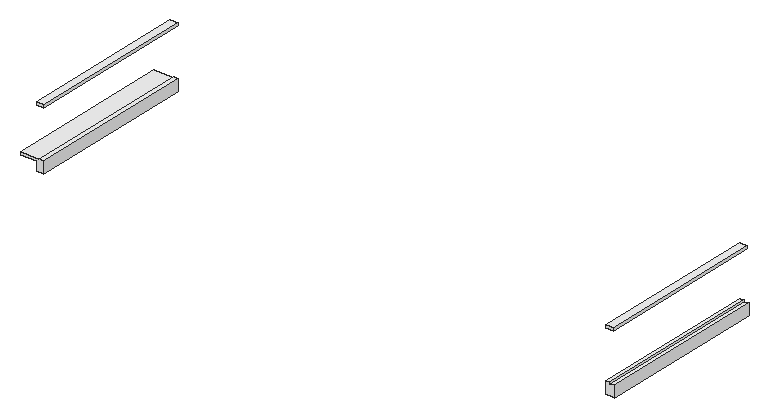
Revit family "Perfil_Blocos", category Structural Framing, Revit 2020
Family settings
  Display in Hidden Views = Edges Hidden by Other Members
  Structural Framing Length Roundoff = 0.000 m
  Section Shape = Not Defined
  Material for Model Behavior = Concrete
  Always export as geometry = No
  Work Plane-Based = No
  Always vertical = Yes
  Cut with Voids When Loaded = Yes
  Symbolic Representation = From Family
  Shared = No
  Show family pre-cut in plan views = Yes
Parameters
  Structural Material [instance] = CT_Concreto
  Material_Viga_Janela [instance] = CT_Concreto
  Comprimento [instance] = 7.500 m
Reference planes (m)
  plane 1 "Centro (Frente/Trás)": y = 0
  plane 2: z = 0
  plane 3 "Centro (Esquerda/Direita)": x = 0
  plane 4: x = -15.9999
  plane 5: x = 9.1749
  plane 6: x = -5.2749
  plane 7: x = -2.2249
  plane 8: z = 4.76
  plane 9: z = 9.16
Forms (m)
  Extrusion 1, solid, material "CT_Concreto" <- "Structural Material"
    sketch origin (0, 0, 0.06) x (1, 0, 0) y (0, 0, 1)
      loop
        line (-15.9999, 4.7) -> (-16.1999, 4.7) -> (-16.1999, 4.65) -> (-17.0749, 4.65) -> (-17.0749, 4.55) -> (-16.3499, 4.55) -> (-16.3499, 4.19) -> (-16.3499, 4.15) -> (-15.9999, 4.15) -> (-15.9999, 4.7)
      loop
        line (9.5749, 4.15) -> (9.5749, 4.65) -> (9.3749, 4.65) -> (9.3749, 4.7) -> (9.1749, 4.7) -> (9.1749, 4.15) -> (9.5749, 4.15)
    from 0 to 7.5
  Extrusion 2, solid, material "CT_Concreto" <- "Material_Viga_Janela"
    sketch origin (0, 0, 0.06) x (1, 0, 0) y (0, 0, 1)
      loop
        line (-15.9999, 6.92) -> (-16.3499, 6.92) -> (-16.3499, 6.82) -> (-15.9999, 6.82) -> (-15.9999, 6.92)
      loop
        line (9.5249, 6.92) -> (9.1749, 6.92) -> (9.1749, 6.82) -> (9.5249, 6.82) -> (9.5249, 6.92)
    from 0 to 7.5
Dimensions and locks (m)
  "Comprimento": Extrusion 1 to Extrusion 1
  locked: plane 5 to plane 4 at 25.1748
  locked: plane 8 to level at 4.76
  locked: plane 9 to plane 8 at 4.4
  aligned and locked: level to plane 2
  aligned and locked: Extrusion 2 to Extrusion 1  (x3)
  aligned and locked: Extrusion 1 to Extrusion 2
Automatic sketch dimensions
  level to Extrusion 1 sketch curve = 4.610 m
  Extrusion 1 sketch curve to plane 3 "Centro (Esquerda/Direita)" = 17.0749 m
  Extrusion 1 sketch curve to Extrusion 1 sketch curve = 0.725 m
  Extrusion 1 sketch curve to Extrusion 1 sketch curve = 0.150 m
  Extrusion 1 sketch curve to Extrusion 1 sketch curve = 0.200 m  (x2)
  plane 3 "Centro (Esquerda/Direita)" to Extrusion 1 sketch curve = 9.1749 m
  Extrusion 1 sketch curve to Extrusion 1 sketch curve = 0.400 m
  Extrusion 1 sketch curve to Extrusion 1 sketch curve = 0.360 m
  level to Extrusion 1 sketch curve = 4.210 m
  Extrusion 1 sketch curve to Extrusion 1 sketch curve = 0.040 m
  Extrusion 1 sketch curve to Extrusion 1 sketch curve = 0.100 m
  Extrusion 1 sketch curve to Extrusion 1 sketch curve = 0.500 m
  Extrusion 1 sketch curve to Extrusion 1 sketch curve = 0.050 m  (x2)
  Extrusion 2 sketch curve to Extrusion 2 sketch curve = 0.350 m  (x2)
  Extrusion 2 sketch curve to Extrusion 2 sketch curve = 0.100 m  (x2)
  level to Extrusion 2 sketch curve = 6.980 m
  Extrusion 2 sketch curve to plane 3 "Centro (Esquerda/Direita)" = 15.9999 m
  plane 3 "Centro (Esquerda/Direita)" to Extrusion 2 sketch curve = 9.1749 m
  level to Extrusion 2 sketch curve = 6.880 m
